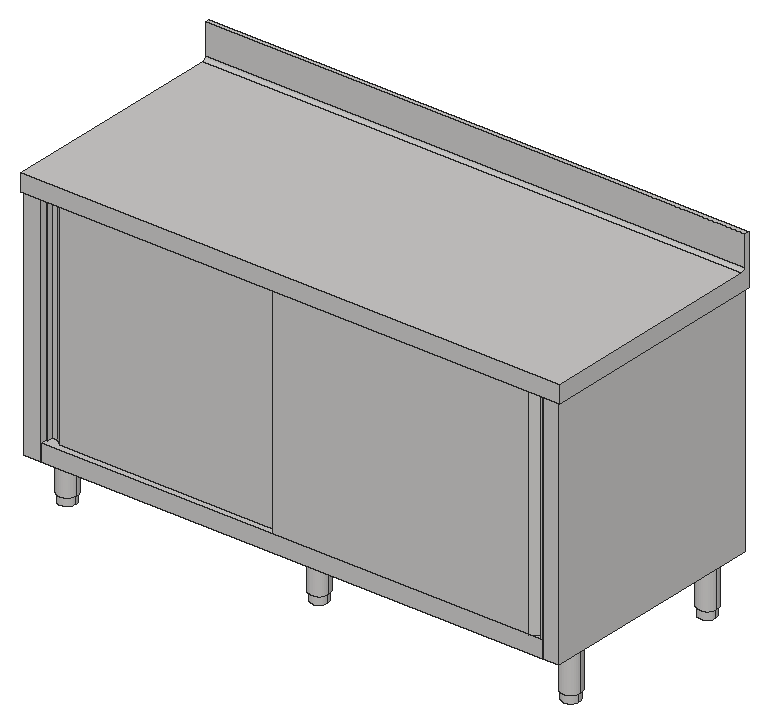
Revit family "QF_ZANUSSI_132779_MTN1610PN", category Attrezzature speciali, Revit 2020
Family settings
  Quota connettore circolare = Usa diametro
  Tipo di parte = Normale
  Basato su piano di lavoro = No
  Sempre verticale = Sì
  Taglio con vuoti quando caricato = No
  Condiviso = No
  Punto di calcolo locali = No
Parameters (values of type "Standard")
  Weight = 65.00 kg
  Watts = 0 W
  Volts = 0 V
  URL Manufacturer = "http://www.zanussiprofessional.com"
  URL = "http://www.zanussiprofessional.com"
  Steam Supply Size = 0 mm
  Steam Supply Minimum Pressure = 0.0 Pa
  Steam Supply Maximum Pressure = 0.0 Pa
  Steam Consumption per Hour = 0
  Refrigeration Suction Line Size = 0.0 mm
  Refrigeration Liquid Line Size = 0.0 mm
  Refrigerant Compressor Remote = yes
  Prospetto di default = 0.0 mm
  Produttore = "Zanussi"
  Phase = 0
  Modello = "MTN1610PN"
  Length Actual = 1600.0 mm  # constant formula
  Item Number = "132779"
  Hot Water Size = 0 mm
  Height Actual = 1000.0 mm  # constant formula
  HP = "0 HP"
  Gas Size = 0 mm
  Gas KW = 0
  Gas Input Pressure = 0 W
  Direct Waste Size = 0 mm
  Descrizione = "WORKTOP CUPB+UPST+SHELF+SLIDING D.1600MM"
  Depth Actual = 700.0 mm  # constant formula
  Cycle = 0 Hz
  Condensate Return Size = 0 mm
  Compressed Air Volume = 0.0 L/s
  Compressed Air Size = 0 mm
  Compressed Air Pressure = 0.0 Pa
  Cold Water Size = 0 mm
  Accessory = yes
Reference planes
  plane 1 "Center (Front/Back)": y = 0
  plane 2: z = 0
  plane 3 "Center (Left/Right)": x = -300
  plane 4 "LEFT": x = -1100
  plane 5 "RIGHT": x = 500
  plane 6 "BACK": y = 350
  plane 7 "FRONT": y = -350
  plane 8 "Base": z = 850
  plane 9 "TOP": z = 900
  plane 10: x = -1046.9
  plane 11: x = 446.9
  plane 12: y = 264.5
  plane 13: y = -241.9
  plane 14 "BodyLeft": x = -1094.5
  plane 15 "BodyFront": y = -344.5
  plane 16 "BodyRight": x = 494.5
  plane 17 "BodyBack": y = 344.5
  plane 18 "FEET": z = 150
  plane 19: x = -244.5
  plane 20: x = -355.5
Forms (mm)
  Extrusion 1, solid, material "QF_Finishes_Stainless Steel"
    sketch origin (-300, 0, 0) x (0, 1, 0) y (0, 0, 1)
      loop
        line (-350, 850) -> (350, 850) -> (350, 1000) -> (337, 1000) -> (337, 910)
        arc (337, 910) -> (334.071, 902.929) -> (327, 900) r 10
        line (327, 900) -> (-350, 900) -> (-350, 850)
    from 800 to -800
  Extrusion 2, solid, material "QF_Finishes_Stainless Steel"
    sketch origin (0, 0, 150) x (-1, 0, 0) y (0, -1, 0)
      loop
        line (1094.5, -344.5) -> (1094.5, 344.5) -> (1044.5, 344.5) -> (1044.5, -344.5) -> (1094.5, -344.5)
      loop
        line (-444.5, -344.5) -> (-444.5, 344.5) -> (-494.5, 344.5) -> (-494.5, -344.5) -> (-444.5, -344.5)
    from 0 to 700
  Extrusion 3, solid, material "QF_Finishes_Stainless Steel"
    sketch origin (0, 0, 150) x (-1, 0, 0) y (0, -1, 0)
      loop
        line (1043.585, -344.5) -> (1043.585, 344.5) -> (-444.5, 344.5) -> (-444.5, -344.5) -> (1043.585, -344.5)
    from 0 to 50
  Extrusion 4, solid, material "QF_Finishes_Stainless Steel"
    sketch origin (0, 0, 150) x (-1, 0, 0) y (0, -1, 0)
      loop
        line (1043.585, -344.5) -> (1043.585, -294.5) -> (-444.5, -294.5) -> (-444.5, -344.5) -> (1043.585, -344.5)
    from 50 to 700
  Extrusion 5, solid, material "QF_Finishes_Stainless Steel"
    sketch origin (0, 0, 150) x (-1, 0, 0) y (0, -1, 0)
      loop
        line (-444.5, 344.5) -> (-444.5, 324.5) -> (355.5, 324.5) -> (355.5, 344.5) -> (-404.5, 344.5) -> (-424.5, 329.5) -> (-439.5, 329.5) -> (-439.5, 344.5) -> (-444.5, 344.5)
    from 50 to 700
  Extrusion 6, solid, material "QF_Finishes_Stainless Steel"
    sketch origin (0, 20, 150) x (1, 0, 0) y (0, 1, 0)
      loop
        line (-1044.5, -344.5) -> (-1039.5, -344.5) -> (-1039.5, -329.5) -> (-1024.5, -329.5) -> (-1004.5, -344.5) -> (-244.5, -344.5) -> (-244.5, -324.5) -> (-1044.5, -324.5) -> (-1044.5, -344.5)
    from 50 to 700
Lines and regions (mm)
  symbolic lines
    curve 1: line (500, 350, 900) -> (-1100, 350, 900)
    curve 2: line (-1100, 350, 900) -> (-1100, -350, 900)
    curve 3: line (-1100, -350, 900) -> (500, -350, 900)
    curve 4: line (500, -350, 900) -> (500, 350, 900)
    curve 5: line (-1100, 337, 900) -> (500, 337, 900)
  symbolic lines, style "SpecialityEquipmentHiddenLines"
    curve 6: line (-1094.5, -344.5, 150) -> (-1094.5, 344.5, 150)
    curve 7: line (-1094.5, 344.5, 150) -> (494.5, 344.5, 150)
    curve 8: line (494.5, 344.5, 150) -> (494.5, -344.5, 150)
    curve 9: line (494.5, -344.5, 150) -> (-1094.5, -344.5, 150)
    curve 10: line (-1044.5, -304.5, 150) -> (-244.5, -304.5, 150)
    curve 11: line (-244.5, -304.5, 150) -> (-244.5, -324.5, 150)
    curve 12: line (444.5, -324.5, 150) -> (-1044.5, -324.5, 150)
    curve 13: line (-1044.5, -324.5, 150) -> (-1044.5, -304.5, 150)
    curve 14: line (-355.5, -344.5, 150) -> (-355.5, -324.5, 150)
Dimensions and locks
  plane 4 "LEFT" to plane 5 "RIGHT" = 1600.0 mm
  equal spacing: plane 4 "LEFT", plane 3 "Center (Left/Right)", plane 5 "RIGHT"
  locked: plane 8 "Base" to level at 850
  locked: Extrusion 1 to level at 1000
  plane 9 "TOP" to level = 900.0 mm
  plane 6 "BACK" to plane 7 "FRONT" = 700.0 mm
  equal spacing: plane 6 "BACK", plane 1 "Center (Front/Back)", plane 7 "FRONT"
  locked: plane 4 "LEFT" to plane 14 "BodyLeft" at 5.5
  locked: plane 16 "BodyRight" to plane 5 "RIGHT" at 5.5
  locked: plane 15 "BodyFront" to plane 7 "FRONT" at 5.5
  locked: plane 6 "BACK" to plane 17 "BodyBack" at 5.5
  locked: plane 14 "BodyLeft" to plane 10 at 47.6
  locked: plane 11 to plane 16 "BodyRight" at 47.6
  locked: plane 13 to plane 15 "BodyFront" at 102.6
  locked: plane 17 "BodyBack" to plane 12 at 80
  plane 10 to plane 11 = 1493.8 mm
  plane 12 to plane 13 = 506.4 mm
  locked: plane 14 "BodyLeft" to Extrusion 2 sketch curve at 50
  locked: Extrusion 2 sketch curve to Extrusion 2 sketch curve at 50
  Extrusion 3 to Extrusion 4 sketch curve = 50.0 mm
  Extrusion 2 to plane 19 = 800.0 mm
  plane 20 to Extrusion 2 = 800.0 mm
  locked: plane 18 "FEET" to level at 150
  aligned and locked: level to plane 2
  aligned and locked: plane 10 to nested 1
  aligned and locked: nested 1 to plane 13
  aligned and locked: plane 11 to nested 2
  aligned and locked: nested 2 to plane 13
  aligned and locked: plane 11 to nested 4
  aligned and locked: nested 4 to plane 12
  aligned and locked: plane 10 to nested 3
  aligned and locked: nested 3 to plane 12
  aligned and locked: Extrusion 1 to plane 4 "LEFT"
  aligned and locked: plane 5 "RIGHT" to Extrusion 1
  aligned and locked: curve 2 to plane 4 "LEFT"
  aligned and locked: plane 17 "BodyBack" to Extrusion 2 sketch curve
  aligned and locked: Extrusion 2 sketch curve to plane 15 "BodyFront"
  aligned and locked: Extrusion 2 sketch curve to plane 14 "BodyLeft"
  aligned and locked: plane 16 "BodyRight" to Extrusion 2 sketch curve
  aligned and locked: Extrusion 2 sketch curve to plane 17 "BodyBack"
  aligned and locked: plane 15 "BodyFront" to Extrusion 2 sketch curve
  aligned and locked: Extrusion 3 sketch curve to plane 17 "BodyBack"
  aligned and locked: plane 15 "BodyFront" to Extrusion 3 sketch curve
  aligned and locked: plane 8 "Base" to Extrusion 2
  aligned and locked: plane 8 "Base" to Extrusion 5
  aligned and locked: Extrusion 5 to Extrusion 3
  aligned and locked: Extrusion 6 sketch curve to plane 19
  aligned and locked: Extrusion 5 sketch curve to plane 20
  aligned and locked: curve 7 to plane 17 "BodyBack"
  aligned and locked: Extrusion 2 to plane 14 "BodyLeft"
  aligned and locked: plane 16 "BodyRight" to curve 8
  aligned and locked: plane 15 "BodyFront" to curve 9
  aligned and locked: plane 3 "Center (Left/Right)" to nested 5
  aligned and locked: plane 3 "Center (Left/Right)" to nested 6
Automatic sketch dimensions
  curve 3 to plane 7 "FRONT" = 0.0 mm
  curve 5 to plane 5 "RIGHT" = 0.0 mm
  curve 4 to plane 6 "BACK" = 0.0 mm
  curve 5 to plane 17 "BodyBack" = 7.5 mm
  Extrusion 1 sketch curve to plane 7 "FRONT" = 0.0 mm
  Extrusion 1 sketch curve to plane 9 "TOP" = 0.0 mm
  Extrusion 1 sketch curve to plane 6 "BACK" = 0.0 mm
  Extrusion 1 sketch curve to plane 8 "Base" = 0.0 mm
  Extrusion 1 sketch curve to plane 17 "BodyBack" = 17.5 mm
  Extrusion 1 sketch curve to plane 17 "BodyBack" = 7.5 mm
  Extrusion 1 sketch curve to Extrusion 1 sketch curve = 90.0 mm
  Extrusion 5 sketch curve to plane 15 "BodyFront" = 0.0 mm  (x2)
  Extrusion 5 sketch curve to plane 11 = 2.4 mm
  Extrusion 5 sketch curve to Extrusion 5 sketch curve = 5.0 mm
  Extrusion 5 sketch curve to Extrusion 5 sketch curve = 15.0 mm
  Extrusion 5 sketch curve to Extrusion 5 sketch curve = 20.0 mm
  plane 15 "BodyFront" to Extrusion 5 sketch curve = 15.0 mm
  plane 15 "BodyFront" to Extrusion 5 sketch curve = 20.0 mm
  Extrusion 6 sketch curve to plane 15 "BodyFront" = 20.0 mm  (x2)
  Extrusion 6 sketch curve to plane 10 = 2.4 mm
  Extrusion 6 sketch curve to Extrusion 6 sketch curve = 5.0 mm
  Extrusion 6 sketch curve to Extrusion 6 sketch curve = 15.0 mm
  Extrusion 6 sketch curve to Extrusion 6 sketch curve = 20.0 mm  (x2)
  Extrusion 6 sketch curve to plane 15 "BodyFront" = 35.0 mm
  Extrusion 3 sketch curve to plane 11 = 2.4 mm
  plane 10 to Extrusion 3 sketch curve = 3.315 mm
  Extrusion 4 sketch curve to plane 11 = 2.4 mm
  plane 10 to Extrusion 4 sketch curve = 3.315 mm
  curve 10 to plane 19 = 0.0 mm
  curve 14 to plane 20 = 0.0 mm
  curve 7 to plane 14 "BodyLeft" = 0.0 mm
  plane 10 to curve 13 = 2.4 mm
  curve 10 to curve 13 = 20.0 mm
  curve 12 to plane 11 = 2.4 mm
  plane 15 "BodyFront" to curve 14 = 20.0 mm
Nested families
  nested 1: "FEET_D58-150" at (-1046.9, -241.9, 0), type "FEET_D58-150"
  nested 2: "FEET_D58-150" at (446.9, -241.9, 0), type "FEET_D58-150"
  nested 3: "FEET_D58-150" at (-1046.9, 264.5, 0), type "FEET_D58-150"
  nested 4: "FEET_D58-150" at (446.9, 264.5, 0), type "FEET_D58-150"
  nested 5: "FEET_D58-150" at (-300, -241.9, 0), type "FEET_D58-150"
  nested 6: "FEET_D58-150" at (-300, 264.5, 0), type "FEET_D58-150"
Definition of nested family "FEET_D58-150"
  Parameters
    Default Elevation = 0.0 mm
    FEET = 150.0 mm
  Reference planes
    plane 1 "Center (Front/Back)": y = 0
    plane 2: z = 0
    plane 3 "Center (Left/Right)": x = 0
    plane 4: z = 150
  Forms (mm)
    Extrusion 1, solid
      sketch origin (0, 0, 0) x (1, 0, 0) y (0, 1, 0)
        loop
          circle (0, 0) r 25
      from 0 to 25
    Extrusion 2, solid
      sketch origin (0, 0, 0) x (1, 0, 0) y (0, 1, 0)
        loop
          circle (0.061, 0) r 29
      from 25 to 150 <- "FEET"
  Lines and regions (mm)
    symbolic lines
      curve 1: line (0, -1.503, 0) -> (0, 1.508, 0)
      curve 2: line (1.561, 0, 0) -> (-1.439, 0, 0)
  Dimensions and locks
    "FEET": plane 4 to plane 2
    aligned and locked: level to plane 2
  Automatic sketch dimensions
    plane 1 "Center (Front/Back)" to Extrusion 1 sketch curve = 0.0 mm
    Extrusion 1 sketch curve to plane 3 "Center (Left/Right)" = 0.0 mm
    plane 1 "Center (Front/Back)" to curve 2 = 0.0 mm
    curve 1 to plane 3 "Center (Left/Right)" = 0.0 mm
    curve 2 to plane 3 "Center (Left/Right)" = 1.439 mm
    plane 3 "Center (Left/Right)" to curve 2 = 1.561 mm
    plane 1 "Center (Front/Back)" to curve 1 = 1.503 mm
    curve 1 to plane 1 "Center (Front/Back)" = 1.508 mm
    plane 1 "Center (Front/Back)" to Extrusion 2 sketch curve = 0.0 mm
    plane 3 "Center (Left/Right)" to Extrusion 2 sketch curve = 0.061 mm
    radius of Extrusion 1 sketch curve = 25.0 mm
    radius of Extrusion 2 sketch curve = 29.0 mm
